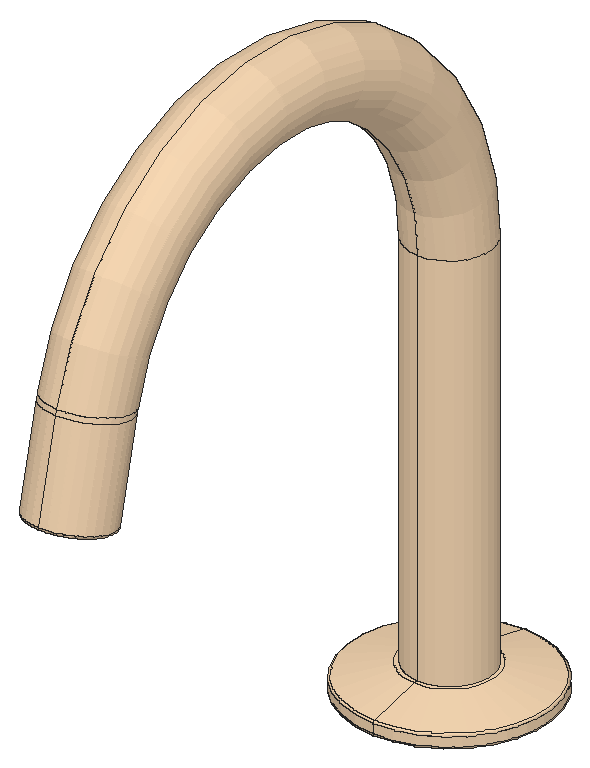
Revit family "Faucet_Touchless-Lavatory-KOHLER-Components-K-103MT76_1", category Plumbing Fixtures, host Face, Revit 2021
Family settings
  Host = Face
  Round Connector Dimension = Use Diameter
  Part Type = Normal
  OmniClass Number = 23.31.11.00
  Cut with Voids When Loaded = No
  Shared = No
  Room Calculation Point = No
Parameters (values of type "0.5 GPM, 2MB-Vibrant Brushed Moderne Brass")
  Width = 2.3622"  # constant formula
  WaterSense Certified = 1 = 0  # no
  Waste Water Outlet = "Waste Water Outlet"  # constant formula
  Waste Connection = 1 = 0  # no
  Voltage = 220 V  # constant formula
  Vent Connection = 1 = 0  # no
  URL = "https://www.us.kohler.com/us/"
  Type = 1
  Spout Reach = 5.75591"  # constant formula
  Product Page URL = "http://www.us.kohler.com/us/catalog/productDetails.jsp?productNumber=103MT76-SANA"
  Product Name = "Components"  # constant formula
  Product Documentation Link = "https://www.us.kohler.com/webassets/kpna/catalog/pdf/en/K-103MT76-SANA_spec_US-CA_Kohler_en.pdf"
  Pressure = 0.00 psi
  Model = if(Type = 1, "K-103MT76-SANA-2MB", if(Type = 2, "K-103MT76-SANA-BL", if(Type = 3, "K-103MT76-SANA-BN", if(Type = 4, "K-103MT76-SANA-CP", if(Type = 5, "K-103MT76-SATA-CP", if(Type = 6, "K-103MT76-SAYA-CP", "NA"))))))  # "K-103MT76-SANA-2MB"
  Material = "Premium Metal Construction"  # constant formula
  Master Format 2014 Name = "Residential Faucets, Supplies, and Trim"  # constant formula
  Master Format 2014 = "22 41 39"  # constant formula
  Manufacturer Address = "444 Highland Dr, Kohler, WI 53044"  # constant formula
  Manufacturer = "Kohler Co."  # constant formula
  Length = Spout Reach  # 5.75591"
  Hot Water Inlet = "Hot Water Inlet"  # constant formula
  Height = 8.38583"  # constant formula
  HW Connection = 1 = 0  # no
  Flow Rate = if(or(Type < 5), 0.5 GPM, if(or(Type = 5), 0.35 GPM, 0.26 GPM))  # 0.5 GPM
  Finish = Kohler-Metal-2MB-Vibrant_Brushed_Moderne_Brass
  Environmental Product Declaration = ""
  Electrical Note = "One Dedicated Circuit Required"  # constant formula
  Electrical Connector = 1 = 1  # yes
  Drain Included = 1 = 1  # yes
  Description = if(Type = 1, "TB S Deck Mount 0.5 GPM Base No Power Supply AC Cold Only", if(Type = 2, "TB S Deck Mount 0.5 GPM Base No Power Supply AC Cold Only", if(Type = 3, "TB S Deck Mount 0.5 GPM Base No Power Supply AC Cold Only", if(Type = 4, "TB S Deck Mount 0.5 GPM Base No Power Supply AC Cold Only", if(Type = 5, "TB S Deck Mount 0.35 GPM Base No Power Supply AC Cold Only", if(Type = 6, "TB S Deck Mount 0.26 GPM Base No Power Supply AC Cold Only", "NA"))))))  # "TB S Deck Mount 0.5 GPM Base No Power Supply AC Cold Only"
  Default Elevation = 36"
  Declare Label = ""
  Date Modified = "02/28/2024"  # constant formula
  Date Created = "02/28/2024"  # constant formula
  Copyright = "Copyright Kohler Co."  # constant formula
  Contact Us = "https://www.us.kohler.com/us/static/contact.jsp"
  Cold Water Inlet = "Cold Water Inlet"  # constant formula
  CW Connection = 1 = 1  # yes
  Assembly Code = "D2010"
  Apparent Load = 0 VA
  ADA Compliant = 1 = 0  # no
Types (7): name | Type | Product Page URL | Product Documentation Link | Model | Flow Rate | Finish | Description
  (no name) | 1 | "http://www.us.kohler.com/us/catalog/productDetails.jsp?productNumber=103MT76-SANA" | "https://www.us.kohler.com/webassets/kpna/catalog/pdf/en/K-103MT76-SANA_spec_US-CA_Kohler_en.pdf" | "K-103MT76-SANA-2MB" | 0.5 GPM | Kohler-Metal-2MB-Vibrant_Brushed_Moderne_Brass | "TB S Deck Mount 0.5 GPM Base No Power Supply AC Cold Only"
  0.5 GPM, 2MB-Vibrant Brushed Moderne Brass | 1 | "http://www.us.kohler.com/us/catalog/productDetails.jsp?productNumber=103MT76-SANA" | "https://www.us.kohler.com/webassets/kpna/catalog/pdf/en/K-103MT76-SANA_spec_US-CA_Kohler_en.pdf" | "K-103MT76-SANA-2MB" | 0.5 GPM | Kohler-Metal-2MB-Vibrant_Brushed_Moderne_Brass | "TB S Deck Mount 0.5 GPM Base No Power Supply AC Cold Only"
  0.5 GPM, BL-Matte Black | 2 | "http://www.us.kohler.com/us/catalog/productDetails.jsp?productNumber=103MT76-SANA" | "https://www.us.kohler.com/webassets/kpna/catalog/pdf/en/K-103MT76-SANA_spec_US-CA_Kohler_en.pdf" | "K-103MT76-SANA-BL" | 0.5 GPM | Kohler-Metal-BL-Matte_Black | "TB S Deck Mount 0.5 GPM Base No Power Supply AC Cold Only"
  0.5 GPM, BN-Vibrant Brushed Nickel | 3 | "http://www.us.kohler.com/us/catalog/productDetails.jsp?productNumber=103MT76-SANA" | "https://www.us.kohler.com/webassets/kpna/catalog/pdf/en/K-103MT76-SANA_spec_US-CA_Kohler_en.pdf" | "K-103MT76-SANA-BN" | 0.5 GPM | Kohler-Metal-BN-Vibrant_Brushed_Nickel | "TB S Deck Mount 0.5 GPM Base No Power Supply AC Cold Only"
  0.5 GPM, CP-Polished Chrome | 4 | "http://www.us.kohler.com/us/catalog/productDetails.jsp?productNumber=103MT76-SANA" | "https://www.us.kohler.com/webassets/kpna/catalog/pdf/en/K-103MT76-SANA_spec_US-CA_Kohler_en.pdf" | "K-103MT76-SANA-CP" | 0.5 GPM | Kohler-Metal-CP-Polished_Chrome | "TB S Deck Mount 0.5 GPM Base No Power Supply AC Cold Only"
  0.35 GPM, CP-Polished Chrome | 5 | "http://www.us.kohler.com/us/catalog/productDetails.jsp?productNumber=103MT76-SATA" | "https://www.us.kohler.com/webassets/kpna/catalog/pdf/en/K-103MT76-SATA_spec_US-CA_Kohler_en.pdf" | "K-103MT76-SATA-CP" | 0.35 GPM | Kohler-Metal-CP-Polished_Chrome | "TB S Deck Mount 0.35 GPM Base No Power Supply AC Cold Only"
  0.26, CP-Polished Chrome | 6 | "http://www.us.kohler.com/us/catalog/productDetails.jsp?productNumber=103MT76-SAYA" | "https://www.us.kohler.com/webassets/kpna/catalog/pdf/en/K-103MT76-SAYA_spec_US-CA_Kohler_en.pdf" | "K-103MT76-SAYA-CP" | 0.26 GPM | Kohler-Metal-CP-Polished_Chrome | "TB S Deck Mount 0.26 GPM Base No Power Supply AC Cold Only"
Reference planes (in)
  plane 1 "Center (Front/Back)": y = 0
  plane 2: z = 0
  plane 3 "Center (Left/Right)": x = 0
  plane 4: y = 1.18111
  plane 5: y = -1.18109
  plane 6: x = -1.1811
  plane 7: x = 1.1811
  plane 8: y = -6.38145
  plane 9: x = -0.49213
  plane 10: x = 0.49213
  plane 11: y = 0.49213
  plane 12: z = 8.38583
  plane 13: z = 4.40945
  plane 14: z = 0.16114
  plane 15: z = 0.31486
  plane 16: z = 0.14187
  plane 17: through (0, 1.1811, 2.80687) normal (0, 0.225, 0.9744)
  plane 18: y = -0.49213
  plane 19: y = -5.75591
Dimensions and locks (in)
  plane 4 to plane 8 = 7.56256"
  plane 6 to plane 7 = 2.3622"
  plane 9 to plane 10 = 0.98425"  (x2)
  plane 8 to plane 1 "Center (Front/Back)" = 6.38145"
  plane 4 to plane 5 = 2.3622"
  "Height": plane 12 to level
  "Width": plane 6 to plane 7
  plane 15 to level = 0.31486"
  plane 13 to level = 4.40945"
  plane 1 "Center (Front/Back)" to plane 8 = 6.38145"
  plane 1 "Center (Front/Back)" to plane 19 = 5.75591"
  level to plane 12 = 8.38583"
  level to plane 13 = 4.40945"
  "Length": plane 1 "Center (Front/Back)" to plane 19
  aligned and locked: plane 2 to host face
  aligned and locked: level to host face
Automatic sketch dimensions
  host sketch curve to host sketch curve = 96"  (x2)
Nested families (in)
  nested 1: "K-103MT76" at (0, 0, 0), type "K-103MT76"
Connectors (in)
  piping at (0, 0, 0), diameter 0.5, driven by "Flow Rate", driven by "CW Connection", driven by "Cold Water Inlet"
    settings: on nested 1, index 1, connector inside diameter 24", connector length 0", flow factor 0, pipe flow 0.5 GPM, pressure drop 0.00 psi, fitting loss kfactor 0, connector angle 0.00°, fixture units 0, engagement length 0", angle of deflection 0.00°, flow configuration 1, flow direction 1, fitting loss method 0, system type 20, joint type 0, gender type 0, connector reference index -1, connector utility 1, adjustable connector no, is connector primary yes, connector description "Cold Water Inlet"
  electrical at (0, 0, 0), driven by "Voltage", driven by "Electrical Connector", driven by "Electrical Note"
    settings: on nested 1, index 2, voltage 220 V, apparent load 0 VA, apparent load phase1 0 VA, apparent load phase2 0 VA, apparent load phase3 0 VA, power factor 1, load classification "Power", number of poles 1, system type 30, power factor state 1, is connector primary yes, connector utility yes, sub classification motor no, connector description "One Dedicated Circuit Required"
Definition of nested family "K-103MT76"
  Parameters
    Material = none
    Default Elevation = 0"
  Reference planes (in)
    plane 1 "Center (Front/Back)": y = 0
    plane 2: z = 0
    plane 3 "Center (Left/Right)": x = 0
    plane 4: z = 8.38583
    plane 5: x = -0.49213
    plane 6: x = 0.49213
    plane 7: x = -1.1811
    plane 8: x = 1.1811
    plane 9: y = 0.49213
    plane 10: y = -0.49213
    plane 11: y = 1.1811
    plane 12: y = -1.1811
    plane 13: z = 4.40945
    plane 14: y = -6.38145
    plane 15: z = 0.31486
    plane 16: z = 0.16114
    plane 17: z = 0.14187
    plane 18 "AA": through (0, -5.85373, 4.45372) normal (0, 0.225, 0.9744)
    plane 19: through (0, -5.44585, 4.35249) normal (0, 0.225, 0.9744)
    plane 20: through (0, -6.01229, 4.4676) normal (0, -0.225, -0.9744)
  Forms (in)
    Revolve 1, solid, material <- "Material", detail levels medium+fine
      sketch origin (0, 0, 0) x (0, 1, 0) y (0, 0, 1)
        loop
          arc (1.16142, 0) -> (1.17534, 0.00577) -> (1.1811, 0.01969) r 0.01969
          line (1.1811, 0.01969) -> (1.1811, 0.13546)
          arc (1.1811, 0.13546) -> (1.17511, 0.1527) -> (1.15971, 0.1625) r 0.02779
          line (1.15971, 0.1625) -> (0.54311, 0.30838)
          arc (0.54311, 0.30838) -> (0.51554, 0.31323) -> (0.4876, 0.31486) r 0.24114
          line (0.4876, 0.31486) -> (0, 0.31486) -> (0, 0) -> (1.16142, 0)
        axis (0, 0.31486) -> (0, 0)
      angle from 0 to 360
    Sweep 2, solid, material <- "Material", detail levels medium+fine
      path origin (0, 0, 0) x (0, 1, 0) y (0, 0, 1)
        loop
          line (-5.71344, 5.30848) -> (-5.62488, 5.69209)
          arc (-5.62488, 5.69209) -> (-2.52644, 7.88185) -> (0, 5.05121) r 2.84895
          line (0, 5.05121) -> (0, 0.21572)
      profile origin (0, 0, 2.63347) x (1, 0, 0) y (0, 1, 0)
        loop
          circle (0, 0) r 0.49213
    Revolve 3, solid, material <- "Material", detail levels medium+fine
      sketch origin (0, 0, 0) x (0, 1, 0) y (0, 0, 1)
        loop
          line (-5.90789, 4.46625) -> (-5.63893, 5.63124) -> (-6.11844, 5.74195) -> (-6.38209, 4.59997)
          arc (-6.38209, 4.59997) -> (-6.3791, 4.58213) -> (-6.36439, 4.57164) r 0.02362
          line (-6.36439, 4.57164) -> (-5.90789, 4.46625)
        axis (-5.63893, 5.63124) -> (-5.90789, 4.46625)
      angle from 0 to 360
    Extrusion 4, void
      sketch origin (0, 0.67997, 2.94529) x (0, 0.97437, -0.224951) y (-1, 0, 0)
        loop
          circle (-6.5984, 0.00027) r 0.28331
      from -0.37167 to 0.45149
    Extrusion 5, solid, detail levels medium+fine
      sketch origin (0, 0.67997, 2.94529) x (0, 0.97437, -0.224951) y (-1, 0, 0)
        loop
          arc (-6.31509, 0.00027) -> (-6.3159, 0.02172) -> (-6.31834, 0.04304) r 0.28331
          line (-6.31834, 0.04304) -> (-6.38091, 0.04304)
          arc (-6.38091, 0.04304) -> (-6.37675, 0.00124) -> (-6.38054, -0.04059) r 0.22165
          line (-6.38054, -0.04059) -> (-6.31805, -0.04059)
          arc (-6.31805, -0.04059) -> (-6.31583, -0.02021) -> (-6.31509, 0.00027) r 0.28331
        loop
          arc (-6.88171, 0.00027) -> (-6.8809, -0.0211) -> (-6.87849, -0.04234) r 0.28331
          line (-6.87849, -0.04234) -> (-6.81592, -0.04234)
          arc (-6.81592, -0.04234) -> (-6.82005, 0.00198) -> (-6.81524, 0.04623) r 0.22165
          line (-6.81524, 0.04623) -> (-6.87796, 0.04623)
          arc (-6.87796, 0.04623) -> (-6.88077, 0.02333) -> (-6.88171, 0.00027) r 0.28331
        loop
          arc (-6.78469, 0.12038) -> (-6.75625, 0.15588) -> (-6.72116, 0.18483) r 0.22165
          line (-6.72116, 0.18483) -> (-6.76544, 0.2291)
          arc (-6.76544, 0.2291) -> (-6.79984, 0.19949) -> (-6.82907, 0.16476) r 0.28331
          line (-6.82907, 0.16476) -> (-6.78469, 0.12038)
        loop
          arc (-6.64461, 0.21706) -> (-6.60315, 0.22188) -> (-6.56153, 0.21884) r 0.22165
          line (-6.56153, 0.21884) -> (-6.56153, 0.28117)
          arc (-6.56153, 0.28117) -> (-6.60312, 0.28354) -> (-6.64461, 0.27979) r 0.28331
          line (-6.64461, 0.27979) -> (-6.64461, 0.21706)
        loop
          arc (-6.47706, 0.18576) -> (-6.44304, 0.15836) -> (-6.41504, 0.12482) r 0.22165
          line (-6.41504, 0.12482) -> (-6.37084, 0.16903)
          arc (-6.37084, 0.16903) -> (-6.40139, 0.20386) -> (-6.43721, 0.23326) r 0.28331
          line (-6.43721, 0.23326) -> (-6.47706, 0.18576)
        loop
          arc (-6.41731, -0.12754) -> (-6.44401, -0.15876) -> (-6.47601, -0.18453) r 0.22165
          line (-6.47601, -0.18453) -> (-6.43172, -0.22882)
          arc (-6.43172, -0.22882) -> (-6.39663, -0.19861) -> (-6.36693, -0.16309) r 0.28331
          line (-6.36693, -0.16309) -> (-6.41731, -0.12754)
        loop
          arc (-6.55791, -0.21765) -> (-6.6011, -0.22137) -> (-6.64419, -0.2166) r 0.22165
          line (-6.64419, -0.2166) -> (-6.64419, -0.27931)
          arc (-6.64419, -0.27931) -> (-6.60108, -0.28302) -> (-6.55791, -0.28013) r 0.28331
          line (-6.55791, -0.28013) -> (-6.55791, -0.21765)
        loop
          line (-6.78424, -0.12053) -> (-6.82859, -0.16488)
          arc (-6.82859, -0.16488) -> (-6.79802, -0.20077) -> (-6.76192, -0.23109) r 0.28331
          line (-6.76192, -0.23109) -> (-6.72301, -0.18304)
          arc (-6.72301, -0.18304) -> (-6.75674, -0.15484) -> (-6.78424, -0.12053) r 0.22165
      from -0.01199 to 0.52506
    Extrusion 6, solid, detail levels medium+fine
      sketch origin (0, 0.67997, 2.94529) x (0, 0.97437, -0.224951) y (-1, 0, 0)
        loop
          circle (-6.5984, 0.00027) r 0.18057
        loop
          circle (-6.5984, 0.00027) r 0.0353
        loop
          line (-6.70759, 0.00197) -> (-6.69186, -0.02527) -> (-6.6604, -0.02527) -> (-6.64467, 0.00197) -> (-6.6604, 0.02922) -> (-6.69186, 0.02922) -> (-6.70759, 0.00197)
        loop
          line (-6.70759, -0.06957) -> (-6.69186, -0.09681) -> (-6.6604, -0.09681) -> (-6.64467, -0.06957) -> (-6.6604, -0.04232) -> (-6.69186, -0.04232) -> (-6.70759, -0.06957)
        loop
          line (-6.49076, -0.0011) -> (-6.50648, 0.02614) -> (-6.53794, 0.02614) -> (-6.55367, -0.0011) -> (-6.53794, -0.02835) -> (-6.50648, -0.02835) -> (-6.49076, -0.0011)
        loop
          line (-6.49076, -0.07264) -> (-6.50648, -0.0454) -> (-6.53794, -0.0454) -> (-6.55367, -0.07264) -> (-6.53794, -0.09988) -> (-6.50648, -0.09988) -> (-6.49076, -0.07264)
        loop
          line (-6.70759, 0.07351) -> (-6.69186, 0.04626) -> (-6.6604, 0.04626) -> (-6.64467, 0.07351) -> (-6.6604, 0.10075) -> (-6.69186, 0.10075) -> (-6.70759, 0.07351)
        loop
          line (-6.49076, 0.07043) -> (-6.50648, 0.09768) -> (-6.53794, 0.09768) -> (-6.55367, 0.07043) -> (-6.53794, 0.04319) -> (-6.50648, 0.04319) -> (-6.49076, 0.07043)
        loop
          line (-6.56809, 0.06428) -> (-6.58382, 0.09152) -> (-6.61528, 0.09152) -> (-6.63101, 0.06428) -> (-6.61528, 0.03704) -> (-6.58382, 0.03704) -> (-6.56809, 0.06428)
        loop
          line (-6.56809, 0.12988) -> (-6.58382, 0.15712) -> (-6.61528, 0.15712) -> (-6.63101, 0.12988) -> (-6.61528, 0.10264) -> (-6.58382, 0.10264) -> (-6.56809, 0.12988)
        loop
          line (-6.56809, -0.06681) -> (-6.58382, -0.03957) -> (-6.61528, -0.03957) -> (-6.63101, -0.06681) -> (-6.61528, -0.09406) -> (-6.58382, -0.09406) -> (-6.56809, -0.06681)
        loop
          line (-6.56809, -0.13241) -> (-6.58382, -0.10517) -> (-6.61528, -0.10517) -> (-6.63101, -0.13241) -> (-6.61528, -0.15966) -> (-6.58382, -0.15966) -> (-6.56809, -0.13241)
      from 0.02783 to 0.69865
    Extrusion 7, solid, detail levels medium+fine
      sketch origin (0, 0.67997, 2.94529) x (0, 0.97437, -0.224951) y (-1, 0, 0)
        loop
          circle (-6.5984, 0.00027) r 0.18057
        loop
          circle (-6.5984, 0.00027) r 0.20412
      from 0 to 0.45149
    Extrusion 8, solid, detail levels medium+fine
      sketch origin (0, 0.67997, 2.94529) x (0, 0.97437, -0.224951) y (-1, 0, 0)
        loop
          circle (-6.5984, 0.00027) r 0.28331
        loop
          circle (-6.5984, 0.00027) r 0.20412
      from 0.03685 to 1.13893
    Extrusion 9, solid, material <- "Material"
      sketch origin (0, 0, 0) x (1, 0, 0) y (0, 1, 0)
        loop
          circle (0, 0) r 0.09843
      from 0 to 0.21572
    Revolve 10, solid, material <- "Material", detail levels coarse
      sketch origin (0, 0, 0) x (0, 1, 0) y (0, 0, 1)
        loop
          line (1.1811, 0) -> (1.1811, 0.12604)
          arc (1.1811, 0.12604) -> (1.17252, 0.15058) -> (1.1505, 0.16442) r 0.03937
          line (1.1505, 0.16442) -> (0.53899, 0.30415)
          arc (0.53899, 0.30415) -> (0.49182, 0.31217) -> (0.44405, 0.31486) r 0.42621
          line (0.44405, 0.31486) -> (0, 0.31486) -> (0, 0) -> (1.1811, 0)
        axis (0, 0.31486) -> (0, 0)
      angle from 0 to 360
    Sweep 11, solid, material <- "Material", detail levels coarse
      path origin (0, 0, 0) x (0, 1, 0) y (0, 0, 1)
        loop
          line (-5.90344, 4.46875) -> (-5.63491, 5.63187)
          arc (-5.63491, 5.63187) -> (-2.53094, 7.82553) -> (0, 4.98985) r 2.85403
          line (0, 4.98985) -> (0, 0.14187)
      profile origin (0, 0, 2.56586) x (1, 0, 0) y (0, 1, 0)
        loop
          circle (0, 0) r 0.49213
    Extrusion 12, solid, detail levels coarse
      sketch origin (0, 0.67997, 2.94529) x (0, 0.97437, -0.224951) y (-1, 0, 0)
        loop
          circle (-6.5984, 0.00027) r 0.28331
      from 0.00347 to 0.69865
  Cuts and joins
    Extrusion 4 cuts Revolve 3
    joined: Sweep 2, Revolve 3
    Extrusion 4 cuts Sweep 11
  Lines and regions (in)
    Masking region 1
      outline origin (0, 0, 0) x (1, 0, 0) y (0, 1, 0)
        loop
          arc (-1.1811, 0) -> (-0.99405, -0.63787) -> (-0.49213, -1.07369) r 1.1811
          line (-0.49213, -1.07369) -> (-0.49213, -5.91883)
          arc (-0.49213, -5.91883) -> (-0.42001, -6.14984) -> (-0.24592, -6.31793) r 0.48878
          arc (-0.24592, -6.31793) -> (-0.12704, -6.3653) -> (-0.00009, -6.38145) r 0.50783
          arc (-0.00009, -6.38145) -> (0.12695, -6.36532) -> (0.24592, -6.31793) r 0.50783
          arc (0.24592, -6.31793) -> (0.41953, -6.15066) -> (0.49213, -5.92077) r 0.48901
          line (0.49213, -5.92077) -> (0.49213, -1.07369)
          arc (0.49213, -1.07369) -> (0.99405, -0.63787) -> (1.1811, 0) r 1.1811
          arc (1.1811, 0) -> (0.83517, 0.83517) -> (0, 1.1811) r 1.1811
          arc (0, 1.1811) -> (-0.83517, 0.83517) -> (-1.1811, 0) r 1.1811
    Masking region 2
      outline origin (0, 0, 0) x (1, 0, 0) y (0, 0, 1)
        loop
          line (-0.49213, 7.93018) -> (-0.49213, 0.31486)
          arc (-0.49213, 0.31486) -> (-0.51164, 0.31351) -> (-0.53089, 0.31006) r 0.18147
          line (-0.53089, 0.31006) -> (-1.16266, 0.16145)
          arc (-1.16266, 0.16145) -> (-1.17593, 0.15302) -> (-1.1811, 0.13817) r 0.02392
          line (-1.1811, 0.13817) -> (-1.1811, 0.01969)
          arc (-1.1811, 0.01969) -> (-1.17534, 0.00577) -> (-1.16142, 0) r 0.01969
          line (-1.16142, 0) -> (1.16142, 0)
          arc (1.16142, 0) -> (1.17534, 0.00577) -> (1.1811, 0.01969) r 0.01969
          line (1.1811, 0.01969) -> (1.1811, 0.13817)
          arc (1.1811, 0.13817) -> (1.17593, 0.15302) -> (1.16266, 0.16145) r 0.02392
          line (1.16266, 0.16145) -> (0.53089, 0.31006)
          arc (0.53089, 0.31006) -> (0.51164, 0.31351) -> (0.49213, 0.31486) r 0.18147
          line (0.49213, 0.31486) -> (0.49213, 7.92885)
          arc (0.49213, 7.92885) -> (0.419, 8.15082) -> (0.25292, 8.31524) r 0.49959
          arc (0.25292, 8.31524) -> (0.13129, 8.36785) -> (0, 8.38583) r 0.48843
          arc (0, 8.38583) -> (-0.13129, 8.36785) -> (-0.25292, 8.31524) r 0.48843
          arc (-0.25292, 8.31524) -> (-0.41868, 8.15139) -> (-0.49213, 7.93018) r 0.49987
    Masking region 3
      outline origin (0, 0, 0) x (0, 1, 0) y (0, 0, 1)
        loop
          arc (1.16142, 0) -> (1.17534, 0.00577) -> (1.1811, 0.01969) r 0.01969
          line (1.1811, 0.01969) -> (1.1811, 0.1388)
          arc (1.1811, 0.1388) -> (1.176, 0.15346) -> (1.16291, 0.16179) r 0.02362
          line (1.16291, 0.16179) -> (0.53614, 0.30987)
          arc (0.53614, 0.30987) -> (0.51428, 0.31368) -> (0.49213, 0.31486) r 0.18633
          line (0.49213, 0.31486) -> (0.49213, 5.04589)
          arc (0.49213, 5.04589) -> (-0.46891, 7.39279) -> (-2.80245, 8.38583) r 3.33605
          arc (-2.80245, 8.38583) -> (-3.17699, 8.36955) -> (-3.54738, 8.3116) r 3.35661
          arc (-3.54738, 8.3116) -> (-5.19054, 7.42612) -> (-6.10192, 5.79719) r 3.33982
          line (-6.10192, 5.79719) -> (-6.38095, 4.58856)
          arc (-6.38095, 4.58856) -> (-6.37847, 4.57372) -> (-6.36621, 4.56497) r 0.01967
          line (-6.36621, 4.56497) -> (-6.03805, 4.48921) -> (-6.01229, 4.4676) -> (-5.49766, 4.34878) -> (-5.44585, 4.35249)
          arc (-5.44585, 4.35249) -> (-5.4303, 4.35509) -> (-5.42114, 4.36794) r 0.02061
          line (-5.42114, 4.36794) -> (-5.14297, 5.5728)
          arc (-5.14297, 5.5728) -> (-2.58107, 7.38337) -> (-0.49213, 5.0429) r 2.35561
          line (-0.49213, 5.0429) -> (-0.49213, 0.31486)
          arc (-0.49213, 0.31486) -> (-0.51428, 0.31368) -> (-0.53614, 0.30987) r 0.18633
          line (-0.53614, 0.30987) -> (-1.16291, 0.16179)
          arc (-1.16291, 0.16179) -> (-1.176, 0.15346) -> (-1.1811, 0.1388) r 0.02362
          line (-1.1811, 0.1388) -> (-1.1811, 0.01969)
          arc (-1.1811, 0.01969) -> (-1.17534, 0.00577) -> (-1.16142, 0) r 0.01969
          line (-1.16142, 0) -> (1.16142, 0)
    symbolic lines, detail levels medium+fine
      curve 1: line (-0.49213, 0, 0) -> (-0.49213, -1.1811, 0)
      curve 2: line (0.49213, 0, 0) -> (0.49213, -1.1811, 0)
      curve 3: arc (-0.39755, 0.27432, 0) -> (0.00535, 0.49216, 0) -> (0.40825, 0.27432, 0) r 0.48151
      curve 4: arc (-0.49213, 0, 0) -> (-0.4619, 0.14304, 0) -> (-0.39755, 0.27432, 0) r 0.59227
      curve 5: arc (0.40825, 0.27432, 0) -> (0.46971, 0.14313, 0) -> (0.49213, 0, 0) r 0.51409
      curve 6: arc (0.49213, -0.20753, 0) -> (0, 0.5341, 0) -> (-0.49213, -0.20753, 0) r 0.5341
      curve 7: arc (0.49213, -1.05486, 0) -> (0, 1.16401, 0) -> (-0.49213, -1.05486, 0) r 1.16401
      curve 8: arc (-0.49213, -5.45945, 0) -> (0, -5.95158, 0) -> (0.49213, -5.45945, 0) r 0.49213
      curve 9: line (-1.18068, 0, 0.14187) -> (1.18069, 0, 0.14187)
      curve 10: line (-0.49213, 0, 0.31486) -> (0.49213, 0, 0.31486)
      curve 11: line (-0.53089, 0, 0.31006) -> (0.53089, 0, 0.31006)
      curve 12: spline (0.25988, 0, 4.45554) -> (0.23293, 0, 4.46763) -> (0.19768, 0, 4.47819) -> (0.15537, 0, 4.48685) -> (0.10753, 0, 4.4933) -> (0.05586, 0, 4.4973) -> (0.00219, 0, 4.49873) -> (-0.05155, 0, 4.49752) -> (-0.10346, 0, 4.49371) -> (-0.15168, 0, 4.48746) -> (-0.19449, 0, 4.47897) -> (-0.23036, 0, 4.46854) -> (-0.25803, 0, 4.45657)
      curve 13: line (-0.04189, 0, 4.35394) -> (-0.04189, 0, 4.40945)
      curve 14: line (-0.04189, 0, 4.40945) -> (0.03963, 0, 4.40945)
      curve 15: line (0.03963, 0, 4.40945) -> (0.03963, 0, 4.35394)
      curve 16: line (0.03963, 0, 4.35394) -> (-0.04189, 0, 4.35394)
      curve 17: line (0.12213, 0, 4.40945) -> (0.12213, 0, 4.36637)
      curve 18: line (0.12213, 0, 4.36637) -> (0.18417, 0, 4.383)
      curve 19: line (0.18417, 0, 4.383) -> (0.18417, 0, 4.42226)
      curve 20: line (0.18417, 0, 4.42226) -> (0.12213, 0, 4.40945)
      curve 21: line (0.18417, 0, 4.42226) -> (0.21935, 0, 4.40945)
      curve 22: line (0.21935, 0, 4.40945) -> (0.21935, 0, 4.37854)
      curve 23: line (0.21935, 0, 4.37854) -> (0.18417, 0, 4.383)
      curve 24: line (0.12213, 0, 4.36637) -> (0.15247, 0, 4.36253)
      curve 25: line (0.15247, 0, 4.36253) -> (0.21935, 0, 4.37854)
      curve 26: line (-0.12213, 0, 4.40945) -> (-0.12213, 0, 4.36637)
      curve 27: line (-0.12213, 0, 4.36637) -> (-0.18417, 0, 4.383)
      curve 28: line (-0.18417, 0, 4.383) -> (-0.18417, 0, 4.42226)
      curve 29: line (-0.18417, 0, 4.42226) -> (-0.12213, 0, 4.40945)
      curve 30: line (-0.18417, 0, 4.42226) -> (-0.21935, 0, 4.40945)
      curve 31: line (-0.21935, 0, 4.40945) -> (-0.21935, 0, 4.37854)
      curve 32: line (-0.21935, 0, 4.37854) -> (-0.18417, 0, 4.383)
      curve 33: line (-0.12213, 0, 4.36637) -> (-0.15234, 0, 4.36254)
      curve 34: line (-0.15234, 0, 4.36254) -> (-0.21935, 0, 4.37854)
      curve 35: line (-0.04189, 0, 4.49793) -> (-0.04189, 0, 4.46004)
      curve 36: line (-0.04189, 0, 4.46004) -> (0.03963, 0, 4.46004)
      curve 37: line (0.03963, 0, 4.46004) -> (0.03963, 0, 4.49802)
      curve 38: line (-0.04189, 0, 4.46986) -> (0.03963, 0, 4.46986)
      curve 39: line (0.12579, 0, 4.44362) -> (0.15837, 0, 4.45235)
      curve 40: line (0.15837, 0, 4.45235) -> (0.21416, 0, 4.4374)
      curve 41: line (0.12579, 0, 4.44362) -> (0.12579, 0, 4.49118)
      curve 42: line (0.15837, 0, 4.45235) -> (0.15837, 0, 4.48634)
      curve 43: line (0.21416, 0, 4.4374) -> (0.21416, 0, 4.47375)
      curve 44: line (0.21416, 0, 4.4374) -> (0.18417, 0, 4.42937)
      curve 45: line (0.18417, 0, 4.42937) -> (0.12579, 0, 4.44362)
      curve 46: line (0.21935, 0, 4.4551) -> (0.21935, 0, 4.4175)
      curve 47: line (0.21935, 0, 4.4175) -> (0.25911, 0, 4.4175)
      curve 48: line (0.25911, 0, 4.4175) -> (0.25911, 0, 4.4551)
      curve 49: line (0.25911, 0, 4.4551) -> (0.21935, 0, 4.4551)
      curve 50: line (-0.12579, 0, 4.44362) -> (-0.15837, 0, 4.45235)
      curve 51: line (-0.15837, 0, 4.45235) -> (-0.21416, 0, 4.4374)
      curve 52: line (-0.12579, 0, 4.44362) -> (-0.12579, 0, 4.49118)
      curve 53: line (-0.15837, 0, 4.45235) -> (-0.15837, 0, 4.48634)
      curve 54: line (-0.21416, 0, 4.4374) -> (-0.21416, 0, 4.47375)
      curve 55: line (-0.21416, 0, 4.4374) -> (-0.18417, 0, 4.42937)
      curve 56: line (-0.18417, 0, 4.42937) -> (-0.12579, 0, 4.44362)
      curve 57: line (-0.21935, 0, 4.4551) -> (-0.21935, 0, 4.4175)
      curve 58: line (-0.21935, 0, 4.4175) -> (-0.25988, 0, 4.4175)
      curve 59: line (-0.25988, 0, 4.4175) -> (-0.25988, 0, 4.4551)
      curve 60: line (-0.25988, 0, 4.4551) -> (-0.21935, 0, 4.4551)
      curve 61: spline (-0.03343, 0, 4.44434) -> (-0.03229, 0, 4.44631) -> (-0.02895, 0, 4.44815) -> (-0.02364, 0, 4.44972) -> (-0.01672, 0, 4.45093) -> (-0.00865, 0, 4.45169) -> (0, 0, 4.45195) -> (0.00865, 0, 4.45169) -> (0.01672, 0, 4.45093) -> (0.02364, 0, 4.44972) -> (0.02895, 0, 4.44815) -> (0.03229, 0, 4.44631) -> (0.03343, 0, 4.44434) -> (0.03229, 0, 4.44238) -> (0.02895, 0, 4.44054) -> (0.02364, 0, 4.43897) -> (0.01672, 0, 4.43776) -> (0.00865, 0, 4.437) -> (0, 0, 4.43674) -> (-0.00865, 0, 4.437) -> (-0.01672, 0, 4.43776) -> (-0.02364, 0, 4.43897) -> (-0.02895, 0, 4.44054) -> (-0.03229, 0, 4.44238) -> (-0.03343, 0, 4.44434)
      curve 62: spline (0.03997, 0, 4.44127) -> (0.0411, 0, 4.44324) -> (0.04444, 0, 4.44507) -> (0.04976, 0, 4.44664) -> (0.05668, 0, 4.44785) -> (0.06475, 0, 4.44861) -> (0.0734, 0, 4.44887) -> (0.08205, 0, 4.44861) -> (0.09012, 0, 4.44785) -> (0.09704, 0, 4.44664) -> (0.10235, 0, 4.44507) -> (0.10569, 0, 4.44324) -> (0.10683, 0, 4.44127) -> (0.10569, 0, 4.4393) -> (0.10235, 0, 4.43747) -> (0.09704, 0, 4.43589) -> (0.09012, 0, 4.43468) -> (0.08205, 0, 4.43392) -> (0.0734, 0, 4.43366) -> (0.06475, 0, 4.43392) -> (0.05668, 0, 4.43468) -> (0.04976, 0, 4.43589) -> (0.04444, 0, 4.43747) -> (0.0411, 0, 4.4393) -> (0.03997, 0, 4.44127)
      curve 63: spline (0.04455, 0, 4.47294) -> (0.04569, 0, 4.47491) -> (0.04903, 0, 4.47674) -> (0.05434, 0, 4.47832) -> (0.06127, 0, 4.47952) -> (0.06933, 0, 4.48028) -> (0.07798, 0, 4.48054) -> (0.08664, 0, 4.48028) -> (0.0947, 0, 4.47952) -> (0.10163, 0, 4.47832) -> (0.10694, 0, 4.47674) -> (0.11028, 0, 4.47491) -> (0.11142, 0, 4.47294) -> (0.11028, 0, 4.47097) -> (0.10694, 0, 4.46914) -> (0.10163, 0, 4.46756) -> (0.0947, 0, 4.46635) -> (0.08664, 0, 4.4656) -> (0.07798, 0, 4.46534) -> (0.06933, 0, 4.4656) -> (0.06127, 0, 4.46635) -> (0.05434, 0, 4.46756) -> (0.04903, 0, 4.46914) -> (0.04569, 0, 4.47097) -> (0.04455, 0, 4.47294)
      curve 64: spline (-0.03997, 0, 4.44127) -> (-0.0411, 0, 4.44324) -> (-0.04444, 0, 4.44507) -> (-0.04976, 0, 4.44664) -> (-0.05668, 0, 4.44785) -> (-0.06475, 0, 4.44861) -> (-0.0734, 0, 4.44887) -> (-0.08205, 0, 4.44861) -> (-0.09012, 0, 4.44785) -> (-0.09704, 0, 4.44664) -> (-0.10235, 0, 4.44507) -> (-0.10569, 0, 4.44324) -> (-0.10683, 0, 4.44127) -> (-0.10569, 0, 4.4393) -> (-0.10235, 0, 4.43747) -> (-0.09704, 0, 4.43589) -> (-0.09012, 0, 4.43468) -> (-0.08205, 0, 4.43392) -> (-0.0734, 0, 4.43366) -> (-0.06475, 0, 4.43392) -> (-0.05668, 0, 4.43468) -> (-0.04976, 0, 4.43589) -> (-0.04444, 0, 4.43747) -> (-0.0411, 0, 4.4393) -> (-0.03997, 0, 4.44127)
      curve 65: spline (-0.04455, 0, 4.47294) -> (-0.04569, 0, 4.47491) -> (-0.04903, 0, 4.47674) -> (-0.05434, 0, 4.47832) -> (-0.06127, 0, 4.47952) -> (-0.06933, 0, 4.48028) -> (-0.07798, 0, 4.48054) -> (-0.08664, 0, 4.48028) -> (-0.0947, 0, 4.47952) -> (-0.10163, 0, 4.47832) -> (-0.10694, 0, 4.47674) -> (-0.11028, 0, 4.47491) -> (-0.11142, 0, 4.47294) -> (-0.11028, 0, 4.47097) -> (-0.10694, 0, 4.46914) -> (-0.10163, 0, 4.46756) -> (-0.0947, 0, 4.46635) -> (-0.08664, 0, 4.4656) -> (-0.07798, 0, 4.46534) -> (-0.06933, 0, 4.4656) -> (-0.06127, 0, 4.46635) -> (-0.05434, 0, 4.46756) -> (-0.04903, 0, 4.46914) -> (-0.04569, 0, 4.47097) -> (-0.04455, 0, 4.47294)
      curve 66: spline (-0.03343, 0, 4.42023) -> (-0.03229, 0, 4.41826) -> (-0.02895, 0, 4.41642) -> (-0.02364, 0, 4.41485) -> (-0.01672, 0, 4.41364) -> (-0.00865, 0, 4.41288) -> (0, 0, 4.41262) -> (0.00865, 0, 4.41288) -> (0.01672, 0, 4.41364) -> (0.02364, 0, 4.41485) -> (0.02895, 0, 4.41642) -> (0.03229, 0, 4.41826) -> (0.03343, 0, 4.42023) -> (0.03229, 0, 4.42219) -> (0.02895, 0, 4.42403) -> (0.02364, 0, 4.4256) -> (0.01672, 0, 4.42681) -> (0.00865, 0, 4.42757) -> (0, 0, 4.42783) -> (-0.00865, 0, 4.42757) -> (-0.01672, 0, 4.42681) -> (-0.02364, 0, 4.4256) -> (-0.02895, 0, 4.42403) -> (-0.03229, 0, 4.42219) -> (-0.03343, 0, 4.42023)
      curve 67: spline (0.03997, 0, 4.42171) -> (0.0411, 0, 4.41974) -> (0.04444, 0, 4.41791) -> (0.04976, 0, 4.41633) -> (0.05668, 0, 4.41512) -> (0.06475, 0, 4.41436) -> (0.0734, 0, 4.41411) -> (0.08205, 0, 4.41436) -> (0.09012, 0, 4.41512) -> (0.09704, 0, 4.41633) -> (0.10235, 0, 4.41791) -> (0.10569, 0, 4.41974) -> (0.10683, 0, 4.42171) -> (0.10569, 0, 4.42368) -> (0.10235, 0, 4.42551) -> (0.09704, 0, 4.42709) -> (0.09012, 0, 4.42829) -> (0.08205, 0, 4.42905) -> (0.0734, 0, 4.42931) -> (0.06475, 0, 4.42905) -> (0.05668, 0, 4.42829) -> (0.04976, 0, 4.42709) -> (0.04444, 0, 4.42551) -> (0.0411, 0, 4.42368) -> (0.03997, 0, 4.42171)
      curve 68: spline (-0.03997, 0, 4.42171) -> (-0.0411, 0, 4.41974) -> (-0.04444, 0, 4.41791) -> (-0.04976, 0, 4.41633) -> (-0.05668, 0, 4.41512) -> (-0.06475, 0, 4.41436) -> (-0.0734, 0, 4.41411) -> (-0.08205, 0, 4.41436) -> (-0.09012, 0, 4.41512) -> (-0.09704, 0, 4.41633) -> (-0.10235, 0, 4.41791) -> (-0.10569, 0, 4.41974) -> (-0.10683, 0, 4.42171) -> (-0.10569, 0, 4.42368) -> (-0.10235, 0, 4.42551) -> (-0.09704, 0, 4.42709) -> (-0.09012, 0, 4.42829) -> (-0.08205, 0, 4.42905) -> (-0.0734, 0, 4.42931) -> (-0.06475, 0, 4.42905) -> (-0.05668, 0, 4.42829) -> (-0.04976, 0, 4.42709) -> (-0.04444, 0, 4.42551) -> (-0.0411, 0, 4.42368) -> (-0.03997, 0, 4.42171)
      curve 69: spline (0.49213, 0, 4.45639) -> (0.47536, 0, 4.48537) -> (0.42619, 0, 4.51238) -> (0.34799, 0, 4.53557) -> (0.24606, 0, 4.55337) -> (0.12737, 0, 4.56456) -> (0, 0, 4.56837) -> (-0.12737, 0, 4.56456) -> (-0.24606, 0, 4.55337) -> (-0.34799, 0, 4.53557) -> (-0.42619, 0, 4.51238) -> (-0.47536, 0, 4.48537) -> (-0.49213, 0, 4.45639) -> (-0.47536, 0, 4.42741) -> (-0.42619, 0, 4.4004) -> (-0.34799, 0, 4.37721) -> (-0.24606, 0, 4.35941) -> (-0.12737, 0, 4.34823) -> (0, 0, 4.34441) -> (0.12737, 0, 4.34823) -> (0.24606, 0, 4.35941) -> (0.34799, 0, 4.37721) -> (0.42619, 0, 4.4004) -> (0.47536, 0, 4.42741) -> (0.49213, 0, 4.45639)
      curve 70: arc (-0.12213, 0, 4.38791) -> (-0.08221, 0, 4.38217) -> (-0.04189, 0, 4.3817) r 0.30826
      curve 71: arc (0.12213, 0, 4.38791) -> (0.08108, 0, 4.38209) -> (0.03963, 0, 4.38183) r 0.30826
      curve 72: arc (-0.16468, 0, 4.43413) -> (-0.10506, 0, 4.41292) -> (-0.04189, 0, 4.40901) r 0.22684
      curve 73: arc (0.16468, 0, 4.43413) -> (0.10392, 0, 4.41269) -> (0.03958, 0, 4.4092) r 0.22684
      curve 74: arc (-0.34839, 0, 5.76275) -> (0.00004, 0, 5.79463) -> (0.34847, 0, 5.76275) r 1.92003
      curve 75: arc (-0.49213, 0, 5.69298) -> (-0.42498, 0, 5.7376) -> (-0.34839, 0, 5.76275) r 0.30019
      curve 76: arc (0.49213, 0, 5.69298) -> (0.42498, 0, 5.7376) -> (0.34839, 0, 5.76275) r 0.30019
      curve 77: spline (0.49208, 0, 4.47021) -> (0.47386, 0, 4.49892) -> (0.42386, 0, 4.5256) -> (0.34542, 0, 4.54846) -> (0.24381, 0, 4.56597) -> (0.12584, 0, 4.57695) -> (-0.00057, 0, 4.58068) -> (-0.12694, 0, 4.57689) -> (-0.24479, 0, 4.56584) -> (-0.34623, 0, 4.54828) -> (-0.42443, 0, 4.52537) -> (-0.47417, 0, 4.49867) -> (-0.49209, 0, 4.46995)
      curve 78: spline (0.49208, 0, 4.44257) -> (0.47386, 0, 4.41387) -> (0.42386, 0, 4.38719) -> (0.34542, 0, 4.36433) -> (0.24381, 0, 4.34682) -> (0.12584, 0, 4.33583) -> (-0.00057, 0, 4.33211) -> (-0.12694, 0, 4.3359) -> (-0.24479, 0, 4.34694) -> (-0.34623, 0, 4.36451) -> (-0.42443, 0, 4.38741) -> (-0.47417, 0, 4.41412) -> (-0.49209, 0, 4.44283)
      curve 79: arc (-0.19568, 0, 4.41806) -> (-0.20765, 0, 4.42379) -> (-0.21935, 0, 4.43005) r 0.29657
      curve 80: arc (0.19568, 0, 4.41806) -> (0.20765, 0, 4.42379) -> (0.21935, 0, 4.43005) r 0.29657
      curve 81: spline (-0.25803, 0, 4.45657) -> (-0.28401, 0, 4.4329) -> (-0.27851, 0, 4.40833) -> (-0.24213, 0, 4.3856) -> (-0.17892, 0, 4.36721) -> (-0.09587, 0, 4.35521) -> (-0.00219, 0, 4.35093) -> (0.09173, 0, 4.35484) -> (0.17548, 0, 4.36651) -> (0.23978, 0, 4.38464) -> (0.2775, 0, 4.40723) -> (0.28445, 0, 4.43177) -> (0.25988, 0, 4.45554)
      curve 82: line (0, -5.42611, 4.35856) -> (0, -6.38069, 4.57894)
      curve 83: line (0, 0.49213, 0.31486) -> (0, -0.49213, 0.31486)
      curve 84: line (0, 0.53614, 0.30987) -> (0, -0.53614, 0.30987)
      curve 85: line (0, 0.49213, 5.04589) -> (0, -0.49225, 5.04589)
      curve 86: line (0, -5.14297, 5.5728) -> (0, -6.10285, 5.79315)
      curve 87: line (0, -5.44585, 4.35249) -> (0, -6.03805, 4.48921)
      curve 88: circle (0, 0, 4.97671) r 0.01969 normal (0, -1, 0)
      curve 89: arc (-0.06887, 0, 4.86398) -> (0.00039, 0, 4.8474) -> (0.06956, 0, 4.86434) r 0.15133
      curve 90: arc (-0.02949, 0, 4.90832) -> (0.00154, 0, 4.9029) -> (0.03235, 0, 4.90947) r 0.08277
      curve 91: arc (-0.05662, 0, 4.88909) -> (-0.00047, 0, 4.87748) -> (0.05496, 0, 4.89213) r 0.12512
      curve 92: arc (0.05496, 0, 4.89213) -> (0.07624, 0, 4.88558) -> (0.06956, 0, 4.86434) r 0.0157
      curve 93: arc (-0.06887, 0, 4.86398) -> (-0.07507, 0, 4.88254) -> (-0.05662, 0, 4.88909) r 0.01397
      curve 94: arc (-0.01987, 0, 4.93038) -> (0.00153, 0, 4.92533) -> (0.02297, 0, 4.93018) r 0.04885
      curve 95: arc (0.02297, 0, 4.93018) -> (0.03826, 0, 4.92463) -> (0.03235, 0, 4.90947) r 0.01137
      curve 96: arc (-0.02949, 0, 4.90832) -> (-0.03624, 0, 4.92439) -> (-0.01987, 0, 4.93038) r 0.01204
      curve 97: line (-1.16353, 0, 0.16114) -> (1.16353, 0, 0.16114)
      curve 98: line (-1.17861, 0, 0.0102) -> (1.17861, 0, 0.0102)
      curve 99: line (0, 1.1647, 0.16114) -> (0, -1.16472, 0.16114)
      curve 100: line (0, 1.18076, 0.14187) -> (0, -1.18076, 0.14187)
      curve 101: line (0, 1.17861, 0.0102) -> (0, -1.17861, 0.0102)
      curve 102: line (-0.06945, -6.29084, 0) -> (-0.00014, -6.29084, 0)
      curve 103: line (-0.00014, -6.31053, 0) -> (-0.06945, -6.31053, 0)
      curve 104: arc (-0.06945, -6.31053, 0) -> (-0.07929, -6.30069, 0) -> (-0.06945, -6.29084, 0) r 0.00984
      curve 105: line (-0.05054, -6.26502, 0) -> (-0.00014, -6.26502, 0)
      curve 106: line (-0.00014, -6.28471, 0) -> (-0.05054, -6.28471, 0)
      curve 107: arc (-0.05054, -6.28471, 0) -> (-0.06039, -6.27487, 0) -> (-0.05054, -6.26502, 0) r 0.00984
      curve 108: line (0.06917, -6.29084, 0) -> (-0.00014, -6.29084, 0)
      curve 109: line (-0.00014, -6.31053, 0) -> (0.06917, -6.31053, 0)
      curve 110: arc (0.06917, -6.31053, 0) -> (0.07901, -6.30069, 0) -> (0.06917, -6.29084, 0) r 0.00984
      curve 111: line (0.05026, -6.26502, 0) -> (-0.00014, -6.26502, 0)
      curve 112: line (-0.00014, -6.28471, 0) -> (0.05026, -6.28471, 0)
      curve 113: arc (0.05026, -6.28471, 0) -> (0.06011, -6.27487, 0) -> (0.05026, -6.26502, 0) r 0.00984
      curve 114: circle (0, -6.24706, 0) r 0.00984 normal (0, 0, 1)
  Dimensions and locks (in)
    plane 4 to level = 8.38583"  (x2)
    plane 9 to plane 10 = 0.98425"
    plane 11 to plane 12 = 2.3622"
    plane 13 to level = 4.40945"
    plane 11 to plane 14 = 7.56255"
    plane 8 to plane 7 = 2.3622"
    plane 6 to plane 5 = 0.98425"
    plane 14 to plane 11 = 7.56255"
    plane 7 to plane 8 = 2.3622"
    plane 12 to plane 11 = 2.3622"
    plane 10 to plane 9 = 0.98425"
    plane 5 to plane 6 = 0.98425"
    aligned and locked: plane 2 to level
